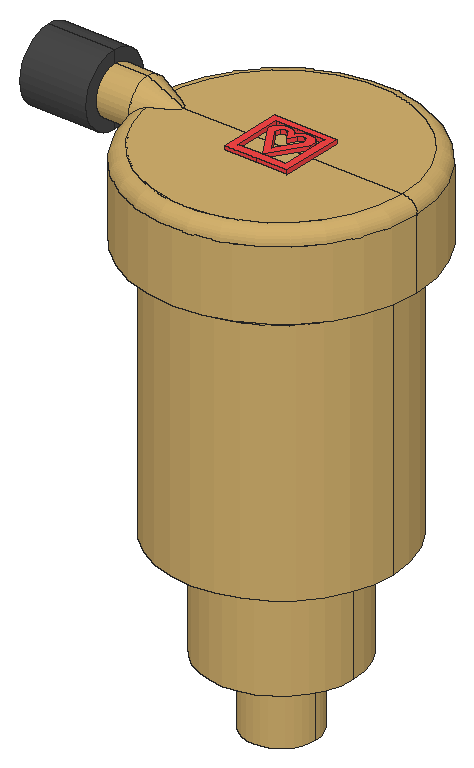
Revit family "Automatic air vents with check valve 2630 00 (01)", category Rohrzubehör, Revit 2020
Family settings
  Bemaßung runder Anschluss = Durchmesser verwenden
  Teiletyp = Normal
  OmniClass-Nummer = 23.65.55.14
  OmniClass-Titel = Valves for Liquid Services
  Arbeitsebenenbasiert = Nein
  Immer vertikal = Ja
  Beim Laden mit Abzugskörper schneiden = Nein
  Gemeinsam genutzt = Nein
Parameters
  min. Operating temperature = 0 °C  # constant formula
  max. Operating temperature = 110 °C  # constant formula
  max. Operating pressure = 800000.0 Pa  # constant formula
  Vorgabe-Ansicht = 0.000 mm
  URL = "www.herzvalves.com"
  Part number [instance] = if(Nennweite AG = 10.000 mm, 1263000, if(Nennweite AG = 15.000 mm, 1263001, 0))  # 1263000
  Medium = "heating water quality according to ÖNORM H5195 or VDI-Standard 2035.\r\nthe use of ethylene or propylene glycol in a mixing ratio 25-50% is allowed.\r\nplease refer to manufacturers documentation when using ethylene glycol products for frost and corrosion protection.\r\nthe HERZ air vent is not suitable for usage of aggressive medium (such as: acids, alkalis, combustible and explosive gases..) because it can damage the sealing components."
  Float ball = "polypropylene"  # constant formula
  SW = 10.500 mm  # constant formula
  SCRNSEQ = "AWI;AWI_TYP=\"1013\";1"
  SCRNCODE = "05;14;01"  # constant formula
  S05 = 25.300 mm  # constant formula
  S04 = SW * 2  # 21.000 mm
  S03 = 11.000 mm  # constant formula
  S02 = 24.500 mm  # constant formula
  S01 = 59.000 mm  # constant formula
  Backflow preventer housing = "machined brass acc. to EN 12165, CW617N 5"  # constant formula
  R01 = 2.000 mm  # constant formula
  Nennweite AG [instance] = 10.000 mm
  max. Structual pressure = 1200000.0 Pa  # constant formula
  L04 = L00 - L01  # 24.000 mm
  L03 = 13.500 mm  # constant formula
  L02 = 4.800 mm  # constant formula
  L01 = 9.500 mm  # constant formula
  L00 = 33.500 mm  # constant formula
  Hersteller = "Herz-Armaturen GmbH"  # constant formula
  H08 = 13.200 mm  # constant formula
  H06 = 25.300 mm  # constant formula
  H07 = 9.800 mm  # constant formula
  H05 = H00 - 1.000 mm  # 58.000 mm
  H04 = H03 - D03  # 57.900 mm
  H03 = 63.000 mm  # constant formula
  H02 = 9.500 mm  # constant formula
  H01 = 12.000 mm  # constant formula
  H00 = 59.000 mm  # constant formula
  Housing = "forged brass acc. to EN 12165, CW617N "  # constant formula
  G1 [instance] = Nennweite AG / 2  # 5.000 mm
  G = 5.000 mm  # constant formula
  Sealing = "NBR"  # constant formula
  Lid = "forged brass acc. to EN 12165, CW617N "  # constant formula
  D07 = 11.500 mm  # constant formula
  D06 = 4.000 mm  # constant formula
  D05 = 0.800 mm  # constant formula
  D04 = 3.400 mm  # constant formula
  D03 = 5.100 mm  # constant formula
  D02 = 19.500 mm  # constant formula
  D01 = 16.200 mm  # constant formula
  External threaded connectors = "acc. to ISO 228"  # constant formula
  Field of application = "HERZ - Air vent is used for venting of the central heating installations.\r\nthe air vent should be placed nearby the boiler or at the highest points of installation.\r\ninstallations must be carried out in such a way that the retention of air bubbles in a certain part of installation is not possible.\r\nbefore usage, unscrew the polypropylene cover cap on the lid for 2 to 3 turns.\r\nin case of uncontrolled medium leakage, tighten the cover cap.\r\nthe air vent must be cleaned or replaced.\r\nwe always recommend to use backflow preventer for easy service and replacement of the air vent."
  Cover cap = "polypropylene, black colour"  # constant formula
Reference planes
  plane 1 "Mitte (Vorne/hinten)": y = 0
  plane 2: z = 0
  plane 3 "Mitte (Links/rechts)": x = 0
Forms (mm)
  Revolve 1, solid, material "Messing", detail levels fine
    sketch origin (0, 0, 0) x (1, 0, 0) y (0, 0, 1)
      loop
        line (0, 0) -> (0, 59) -> (-17.5, 59)
        arc (-17.5, 59) -> (-18.914, 58.414) -> (-19.5, 57) r 2
        line (-19.5, 57) -> (-19.5, 47) -> (-18.2, 47)
        arc (-18.2, 47) -> (-16.786, 46.414) -> (-16.2, 45) r 2
        line (-16.2, 45) -> (-16.2, 9.5) -> (-5, 9.5) -> (-5, 0) -> (0, 0)
      axis (0, 59) -> (0, 0)
    angle from 0 to 360
  Revolve 2, solid, material "Kunststoff - schwarz", detail levels fine
    sketch origin (0, 0, 0) x (1, 0, 0) y (0, 0, 1)
      loop
        line (-33.5, 57.9) -> (-24, 57.9) -> (-24, 63) -> (-33.5, 63) -> (-33.5, 57.9)
      axis (-33.5, 57.9) -> (-24, 57.9)
    angle from 0 to 360
  Revolve 3, solid, material "Messing", detail levels fine
    sketch origin (0, 0, 0) x (1, 0, 0) y (0, 0, 1)
      loop
        line (-24, 57.9) -> (0, 57.9) -> (0, 58.7) -> (-13.5, 58.7) -> (-19.2, 61.3) -> (-24, 61.3) -> (-24, 57.9)
      axis (-24, 57.9) -> (0, 57.9)
    angle from 0 to 360
  Revolve 4, solid, material "Messing", detail levels fine
    sketch origin (0, 0, 0) x (1, 0, 0) y (0, 0, 1)
      loop
        line (-5, 9.5) -> (-11.5, 9.5) -> (-11.5, 7.2) -> (-10.5, 7.2) -> (-10.5, -6) -> (-5, -6) -> (-5, -15.8) -> (0, -15.8) -> (0, 0) -> (-5, 0) -> (-5, 9.5)
      axis (0, 9.5) -> (0, -15.8)
    angle from 0 to 360
Lines and regions (mm)
  model lines, detail levels coarse+medium
    curve 1: line (0, 0, 59) -> (11.455, 0, 47.545)
    curve 2: circle (0, 0, 34.5) r 11 normal (0, -1, 0)
    curve 3: line (-11.455, 0, 21.455) -> (0, 0, 10)
    curve 4: line (0, 0, 10) -> (11.455, 0, 21.455)
    curve 5: line (0, 0, 59) -> (0, 0, 45.5)
    curve 6: line (0, 0, 23.5) -> (0, 0, 9.5)
    curve 7: line (0, 0, 59) -> (-11.455, 0, 47.545)
    curve 8: line (-11.5, 0, 9.5) -> (9.5, 0, 9.5)
    curve 9: line (9.5, 0, 9.5) -> (-10.5, 0, -15.8)
    curve 10: line (-10.5, 0, -15.8) -> (10.5, 0, -15.8)
    curve 11: circle (-10.5, 0, -15.8) r 5 normal (0, -1, 0)
    curve 12: line (0, 0, 59) -> (0, -11.455, 47.545)
    curve 13: line (0, 0, 59) -> (0, 11.455, 47.545)
    curve 14: circle (0, 0, 34.5) r 11 normal (1, 0, 0)
    curve 15: line (0, 0, 10) -> (0, -11.455, 21.455)
    curve 16: line (0, 0, 10) -> (0, 11.455, 21.455)
    curve 18: line (0, -11.5, 9.5) -> (0, 9.5, 9.5)
    curve 19: line (0, 9.5, 9.5) -> (0, -10.5, -15.8)
    curve 20: line (0, -10.5, -15.8) -> (0, 10.5, -15.8)
    curve 21: circle (0, -10.5, -15.8) r 5 normal (1, 0, 0)
    curve 22: line (-9.5, 0, 0) -> (11.5, 0, 0)
    curve 23: line (-9.5, 0, 0) -> (9.5, 25.3, 0)
    curve 24: line (9.5, 25.3, 0) -> (-11.5, 25.3, 0)
    curve 25: circle (-9.5, 0, 0) r 5 normal (0, 0, 1)
    curve 26: line (0, 84.3, 0) -> (-11.455, 72.845, 0)
    curve 27: line (0, 84.3, 0) -> (11.455, 72.845, 0)
    curve 28: circle (0, 59.8, 0) r 11 normal (0, 0, 1)
    curve 29: line (0, 35.3, 0) -> (-11.455, 46.755, 0)
    curve 30: line (0, 35.3, 0) -> (11.455, 46.755, 0)
    curve 31: line (0, 84.3, 0) -> (0, 70.8, 0)
    curve 32: line (0, 48.8, 0) -> (0, 25.3, 0)
  model lines
    curve 17: line (0, 10.954, 33.496) -> (0, 10.954, 0)
Dimensions and locks
  "G": Revolve 1 sketch curve to Revolve 1 sketch curve
  "H00": Revolve 1 sketch curve to Revolve 1 sketch curve
  "D01": Revolve 1 sketch curve to Revolve 1 sketch curve
  "D02": Revolve 1 sketch curve to Revolve 1 sketch curve
  "H02": Revolve 1 sketch curve to Revolve 1 sketch curve
  "H01": Revolve 1 sketch curve to Revolve 1 sketch curve
  "D03": Revolve 2 sketch curve to Revolve 2 sketch curve
  "L01": Revolve 2 sketch curve to Revolve 2 sketch curve
  "L00": Revolve 2 sketch curve to plane 3 "Mitte (Links/rechts)"
  "D04": Revolve 3 sketch curve to Revolve 3 sketch curve
  "L02": Revolve 3 sketch curve to Revolve 3 sketch curve
  "L03": Revolve 3 sketch curve to plane 3 "Mitte (Links/rechts)"
  "L04": Revolve 3 sketch curve to plane 3 "Mitte (Links/rechts)"
  "D05": Revolve 3 sketch curve to Revolve 3 sketch curve
  "H03": Revolve 2 sketch curve to plane 2
  "H04": Revolve 3 sketch curve to plane 2
  "H05": nested 1 to plane 2
  "H06": Revolve 4 sketch curve to Revolve 4 sketch curve
  "G1": Revolve 4 sketch curve to Revolve 4 sketch curve
  "H02": Revolve 4 sketch curve to Revolve 4 sketch curve
  "G": Revolve 4 sketch curve to Revolve 4 sketch curve
  "D07": Revolve 4 sketch curve to Revolve 4 sketch curve
  "SW": Revolve 4 sketch curve to Revolve 4 sketch curve
  "H08": Revolve 4 sketch curve to Revolve 4 sketch curve
  "S01": curve 5 to plane 2
  "S02": curve 5 to curve 2 to curve 4
  "D01": curve 7 to curve 7
  "D01": curve 1 to curve 1
  "D01": curve 3 to curve 3
  "D01": curve 4 to curve 4
  "S04": curve 8 to curve 9
  "S05": curve 8 to curve 10
  "S04": curve 10 to curve 9
  "S01": curve 13 to plane 2
  "S02": curve 13 to curve 14 to curve 16
  "D01": curve 12 to curve 12
  "D01": curve 13 to curve 13
  "D01": curve 15 to curve 15
  "D01": curve 16 to curve 16
  "S04": curve 18 to curve 19
  "S04": curve 20 to curve 20
  "S05": curve 20 to curve 18
  "S04": curve 24 to curve 24
  "S04": curve 22 to curve 23
  "S05": curve 24 to curve 22
  "S01": curve 31 to curve 32
  "S02": curve 31 to curve 28 to curve 30
  "D01": curve 26 to curve 26
  "D01": curve 27 to curve 27
  "D01": curve 29 to curve 29
  "D01": curve 30 to curve 30
  "H07": Revolve 4 sketch curve to Revolve 4 sketch curve
  equal spacing: curve 10, plane 3 "Mitte (Links/rechts)", curve 10
  equal spacing: curve 20, plane 1 "Mitte (Vorne/hinten)", curve 20
  "R01": radius of Revolve 1 sketch curve  (x2)
  "S03": radius of curve 2
  "S03": radius of curve 14
  "S03": radius of curve 28
  angle curve 5 to curve 1 = 45.00°
  angle curve 7 to curve 5 = 45.00°
  angle curve 6 to curve 3 = 45.00°
  angle curve 4 to curve 6 = 45.00°
  angle curve 12 to plane 1 "Mitte (Vorne/hinten)" = 45.00°
  angle plane 1 "Mitte (Vorne/hinten)" to curve 13 = 45.00°
  angle plane 1 "Mitte (Vorne/hinten)" to curve 15 = 45.00°
  angle curve 16 to plane 1 "Mitte (Vorne/hinten)" = 45.00°
  angle curve 26 to curve 31 = 45.00°
  angle curve 31 to curve 27 = 45.00°
  angle curve 32 to curve 29 = 45.00°
  angle curve 30 to curve 32 = 45.00°
  aligned and locked: level to plane 2
Automatic sketch dimensions
  curve 16 to plane 1 "Mitte (Vorne/hinten)" = 0.000 mm
  curve 13 to plane 1 "Mitte (Vorne/hinten)" = 0.000 mm
  curve 14 to plane 1 "Mitte (Vorne/hinten)" = 0.000 mm
  curve 17 to level = 0.000 mm
  curve 21 to curve 19 = 0.000 mm
  curve 18 to plane 1 "Mitte (Vorne/hinten)" = 9.500 mm
  curve 21 to level = 15.800 mm
  curve 19 to curve 21 = 0.000 mm
  curve 17 to plane 1 "Mitte (Vorne/hinten)" = 10.954 mm
  curve 3 to plane 3 "Mitte (Links/rechts)" = 0.000 mm
  curve 5 to plane 3 "Mitte (Links/rechts)" = 0.000 mm
  curve 6 to plane 3 "Mitte (Links/rechts)" = 0.000 mm
  curve 2 to plane 3 "Mitte (Links/rechts)" = 0.000 mm
  curve 11 to curve 9 = 0.000 mm  (x2)
  plane 3 "Mitte (Links/rechts)" to curve 9 = 9.500 mm
  level to curve 8 = 9.500 mm
  plane 1 "Mitte (Vorne/hinten)" to curve 25 = 0.000 mm
  plane 1 "Mitte (Vorne/hinten)" to curve 22 = 0.000 mm
  curve 31 to plane 3 "Mitte (Links/rechts)" = 0.000 mm
  curve 32 to plane 3 "Mitte (Links/rechts)" = 0.000 mm
  curve 28 to plane 3 "Mitte (Links/rechts)" = 0.000 mm
  curve 29 to plane 3 "Mitte (Links/rechts)" = 0.000 mm
  curve 25 to plane 3 "Mitte (Links/rechts)" = 9.500 mm
  curve 22 to curve 25 = 0.000 mm
  plane 3 "Mitte (Links/rechts)" to curve 24 = 9.500 mm
  Revolve 1 sketch curve to level = 0.000 mm
  Revolve 1 sketch curve to plane 3 "Mitte (Links/rechts)" = 0.000 mm  (x2)
  Revolve 1 sketch curve to level = 2000.000 mm
  Revolve 1 sketch curve to Revolve 1 sketch curve = 1937.000 mm
  Revolve 2 sketch curve to Revolve 2 sketch curve = 0.000 mm  (x3)
  Revolve 3 sketch curve to plane 3 "Mitte (Links/rechts)" = 0.000 mm
  Revolve 3 sketch curve to Revolve 3 sketch curve = 0.212 mm
  Revolve 3 sketch curve to plane 3 "Mitte (Links/rechts)" = 0.539 mm
  Revolve 3 sketch curve to Revolve 3 sketch curve = 0.000 mm
  Revolve 4 sketch curve to level = 0.000 mm
  Revolve 4 sketch curve to plane 3 "Mitte (Links/rechts)" = 0.000 mm  (x2)
  Revolve 4 sketch curve to Revolve 4 sketch curve = 346.545 mm
  Revolve 4 sketch curve to Revolve 4 sketch curve = 2204.815 mm
  radius of curve 21 = 5.000 mm
  radius of curve 11 = 5.000 mm
  radius of curve 25 = 5.000 mm
Nested families
  nested 1: "Herz-Logo" at (0, 0, 58), type "Herz-Logo", detail levels fine
Connectors
  piping at (0, 0, -15.8), diameter 10, driven by "Nennweite AG"
    settings: on Revolve 4, index 1, connector inside diameter 609.6 mm, connector length 0.000 mm, flow factor 0, pipe flow 0.0 L/s, pressure drop 0.0 Pa, fitting loss kfactor 0, connector angle 0.00°, fixture units 0, engagement length 0.000 mm, angle of deflection 0.00°, flow configuration 0, flow direction 0, fitting loss method 0, system type 7, joint type 0, gender type 0, connector reference index -1, connector utility 0, adjustable connector no, is connector primary yes, connector description ""
Definition of nested family "Herz-Logo"
  Parameters (values of type "Herz-Logo")
    Default Elevation = 0.000 mm
  Reference planes
    plane 1 "Mitte (Vorne/hinten)": y = 0
    plane 2: z = 0
    plane 3 "Mitte (Links/rechts)": x = 0
  Forms (mm)
    Extrusion 1, solid
      sketch origin (0, 0, 0) x (1, 0, 0) y (0, 1, 0)
        loop
          line (-0.018, -4.517) -> (4.482, -4.517) -> (4.482, 4.483) -> (-4.518, 4.483) -> (-4.518, -4.517) -> (-0.018, -4.517)
        loop
          line (-0.05, -3.48) -> (3.482, -3.48) -> (3.482, 3.483) -> (-3.518, 3.483) -> (-3.518, -3.48) -> (-0.05, -3.48)
        loop
          arc (-0.018, 2.383) -> (-1.543, 3.287) -> (-3.067, 2.383) r 1.738
          arc (-3.067, 2.383) -> (-3.191, 1.899) -> (-3.067, 1.415) r 1.009
          line (-3.067, 1.415) -> (-0.018, -3.281) -> (3.032, 1.415)
          arc (3.032, 1.415) -> (3.156, 1.899) -> (3.032, 2.383) r 1.009
          arc (3.032, 2.383) -> (1.507, 3.287) -> (-0.018, 2.383) r 1.738
        loop
          arc (1.885, 1.272) -> (2.005, 1.675) -> (1.885, 2.079) r 0.74
          arc (1.885, 2.079) -> (1.265, 2.416) -> (0.644, 2.079) r 0.74
          line (0.644, 2.079) -> (-0.018, 0.97) -> (-0.679, 2.079)
          arc (-0.679, 2.079) -> (-1.3, 2.416) -> (-1.921, 2.079) r 0.74
          arc (-1.921, 2.079) -> (-2.04, 1.675) -> (-1.921, 1.272) r 0.74
          line (-1.921, 1.272) -> (-0.018, -1.658) -> (1.885, 1.272)
      from 0 to 1.5
  Dimensions and locks
    aligned and locked: level to plane 2
